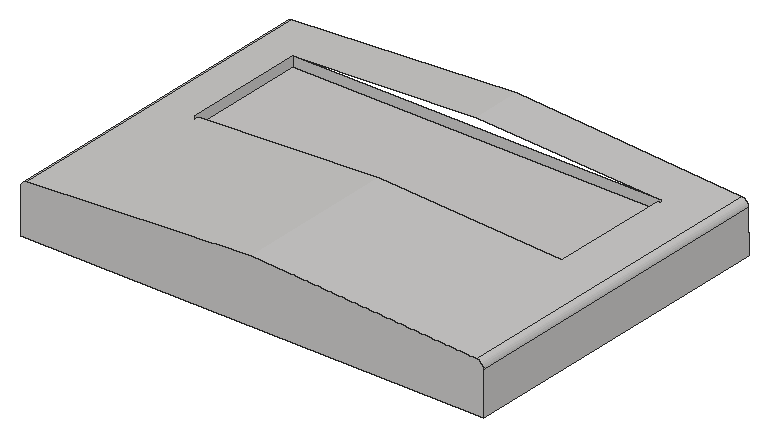
Revit family
Parameters (values of type "B-4221")
  offset [instance] = 0' - 0"
  Warranty Duration (Years) = 0
  Unit Width = 1' - 3 3/4"
  Unit Height = 0' - 11 1/4"
  Unit Depth = 0' - 2 3/16"
  URL = "http://www.bobrick.com/Pages/default.aspx"
  Specification = ""
  SpecWizard = ""
  Send Message = "http://www.arcat.com/users.pl?action=UserEmail&company=Bobrick+Washroom+Equipment,+Inc.&coid=30988&rep=156&fax=818-503-1930&mf="
  Sales Information = "http://www.bobrick.com/Pages/ContactUs.aspx"
  Revision = "R1_10-2012"
  Product Properties = ""
  Product Data = "http://arcat.com/arcatcos/cos30/arc30988.html?isac=1&r=1"
  Mounting Height [instance] = 4' - 0"
  Model = "B-4221"
  Manufacturer Website = "http://www.bobrick.com/Pages/default.aspx"
  Manufacturer Phone - Toll Free = ""
  Manufacturer Phone = "818-764-1000"
  Manufacturer Fax = "818-503-1930"
  Manufacturer Address = "11611 Hart St. North Hollywood, CA 91605-5882"
  Manufacturer = "Bobrick Washroom Equipment, Inc."
  Maintenance Schedule (Months) = 0
  Keynote = "102813"
  Installation-Fabrication = "http://www.bobrick.com/washroomaccessories/Pages/WashroomAccessories.aspx"
  Installation Phase = ""
  Green Building-LEED = ""
  Finish Material = Stainless Steel - Bobrick - Satin
  Expected Lifespan (Years) = 0
  Drawn By = "Sumex Design, Inc. / Robert S. Weygant, CSI, CDT, SCIP"
  Description = "Bobrick B-4221 Contura Series Surface Mounted Seat Cover Dispenser"
  Default Elevation = 4' - 0"
  Copyright = "©Arcat Inc."
  Construction Details = ""
  Capacity = "250 Seat Covers"
  Assembly Code = "E1090900"
Reference planes (in)
  plane 1 "Center (Front/Back)": y = 4.55626
  plane 2 "Bottom": z = 0
  plane 3 "Center (Left/Right)": x = 0
  plane 4 "Front": y = -1.06874
  plane 5 "Back": y = 10.18126
  plane 6 "Left": x = -7.875
  plane 7 "Right": x = 7.875
  plane 8 "Top": z = 2.1875
  plane 9 "CLEARANCE": y = -6.06874
  plane 10 "FF": y = -37.81874
Forms (in)
  Extrusion 1, solid, material "Stainless Steel - Bobrick - Satin" <- "Finish Material"
    sketch origin (0, 4.55626, 0) x (1, 0, 0) y (0, 0, 1)
      loop
        arc (-7.65517, 1.71513) -> (-7.81214, 1.63272) -> (-7.875, 1.46696) r 0.25
        line (-7.875, 1.46696) -> (-7.875, 0) -> (7.875, 0) -> (7.875, 1.46696)
        arc (7.875, 1.46696) -> (7.81214, 1.63272) -> (7.65517, 1.71513) r 0.25
        arc (7.65517, 1.71513) -> (0, 2.17874) -> (-7.65517, 1.71513) r 63.43285
    from -5.625 to 5.625
  Extrusion 2, void
    sketch origin (0, 4.55626, 0) x (1, 0, 0) y (0, 0, 1)
      loop
        line (-6.25, 2.49848) -> (-6.25, 1.52907)
        arc (-6.25, 1.52907) -> (-0.00001, 1.81203) -> (6.25, 1.52953) r 69.22395
        line (6.25, 1.52953) -> (6.25, 2.49848) -> (-6.25, 2.49848)
    from -3.9375 to 0.25
Cuts and joins
  Extrusion 2 cuts Extrusion 1
Dimensions and locks (in)
  equal spacing: plane 6 "Left", plane 3 "Center (Left/Right)", plane 7 "Right"
  "Unit Width": plane 6 "Left" to plane 7 "Right"
  equal spacing: plane 5 "Back", plane 1 "Center (Front/Back)", plane 4 "Front"
  "Unit Height": plane 5 "Back" to plane 4 "Front"
  "Unit Depth": plane 8 "Top" to level
  locked: plane 4 "Front" to plane 9 "CLEARANCE" at 5
  "Mounting Height": plane 5 "Back" to plane 10 "FF"
  aligned and locked: plane 5 "Back" to Extrusion 1
  aligned and locked: Extrusion 1 to plane 4 "Front"
Automatic sketch dimensions
  plane 3 "Center (Left/Right)" to Extrusion 2 sketch curve = 0' - 0.00254"
  plane 6 "Left" to Extrusion 2 sketch curve = 0' - 1 5/8"
  plane 8 "Top" to Extrusion 2 sketch curve = 0' - 0.31098"
  Extrusion 2 sketch curve to Extrusion 2 sketch curve = 1' - 0 1/2"
  Extrusion 2 sketch curve to plane 8 "Top" = 0' - 0.65797"
  Extrusion 2 sketch curve to level = 5' - 7.41193"
  Extrusion 1 sketch curve to level = 0' - 0"
  Extrusion 1 sketch curve to plane 6 "Left" = 0' - 0"
  Extrusion 1 sketch curve to plane 3 "Center (Left/Right)" = 0' - 0"
  Extrusion 1 sketch curve to plane 7 "Right" = 0' - 0"
  plane 6 "Left" to Extrusion 1 sketch curve = 0' - 0.21983"
  Extrusion 1 sketch curve to Extrusion 1 sketch curve = 0' - 0"
  plane 6 "Left" to Extrusion 1 sketch curve = 0' - 0 1/4"
  Extrusion 1 sketch curve to Extrusion 1 sketch curve = 0' - 0 1/4"
  Extrusion 1 sketch curve to plane 7 "Right" = 0' - 0.21983"
  Extrusion 1 sketch curve to level = 5' - 1.2541"
